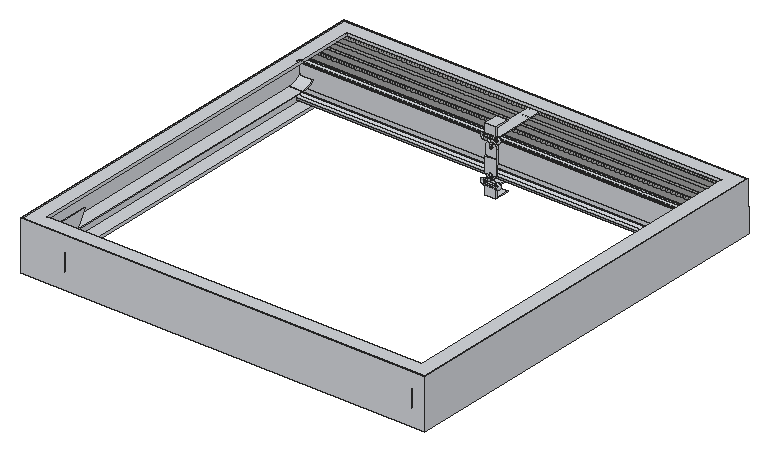
Revit family "C-FS-2F, C-FSX-2F", category Mechanical Equipment, Revit 2015
Parameters
  URL = "https://unitedenertech.com/catalog/pdf/D-7%20%20C-FS-2F%20(X-2F).pdf"
  Type Comments = "Max. Size is (24\"w x 24\"h)"
  Model = "C/FS-2F, C/FSX-2F"
  Manufacturer = "United Enertech Corporation"
  Exact Width = 1' - 6"
  Exact Height = 1' - 6"
  Description = "Square and Rectangular Slimline Ceiling Damper"
  Blade Width [instance] = Exact Width - 0' 0 3/16"  # 1' - 5 13/16"
Reference planes (in)
  plane 1 "Center (Front/Back)": y = 0
  plane 2: z = 0
  plane 3 "Center (Left/Right)": x = 0
  plane 4: x = -9
  plane 5: x = 9
  plane 6: y = -9
  plane 7: y = 9
  plane 8: y = 6.56503
  plane 9: y = 8.9641
  plane 10: x = -8.90617
  plane 11: x = 8.90617
  plane 12: z = 2.1875
Forms (in)
  Extrusion 1, solid, material "Roofing, EPDM Membrane"
    sketch origin (0, 0, -0.73387) x (0, 1, 0) y (0, 0, 1)
      loop
        line (8.87221, 1.71498) -> (8.8312, 1.05609)
        arc (8.8312, 1.05609) -> (8.70159, 0.93383) -> (8.57105, 1.05509) r 0.13036
        line (8.57105, 1.05509) -> (8.4576, 2.67746)
        arc (8.4576, 2.67746) -> (8.39328, 2.73744) -> (8.32895, 2.67746) r 0.06448
        line (8.32895, 2.67746) -> (8.21235, 1.01004)
        arc (8.21235, 1.01004) -> (8.14803, 0.95006) -> (8.0837, 1.01004) r 0.06448
        line (8.0837, 1.01004) -> (7.9671, 2.67746)
        arc (7.9671, 2.67746) -> (7.90278, 2.73744) -> (7.83845, 2.67746) r 0.06448
        line (7.83845, 2.67746) -> (7.72185, 1.01004)
        arc (7.72185, 1.01004) -> (7.65752, 0.95006) -> (7.5932, 1.01004) r 0.06448
        line (7.5932, 1.01004) -> (7.4766, 2.67746)
        arc (7.4766, 2.67746) -> (7.41227, 2.73744) -> (7.34795, 2.67746) r 0.06448
        line (7.34795, 2.67746) -> (7.23135, 1.01004)
        arc (7.23135, 1.01004) -> (7.16702, 0.95006) -> (7.1027, 1.01004) r 0.06448
        line (7.1027, 1.01004) -> (6.9861, 2.67746)
        arc (6.9861, 2.67746) -> (6.92177, 2.73744) -> (6.85745, 2.67746) r 0.06448
        line (6.85745, 2.67746) -> (6.74085, 1.01004)
        arc (6.74085, 1.01004) -> (6.67652, 0.95006) -> (6.6122, 1.01004) r 0.06448
        line (6.6122, 1.01004) -> (6.4956, 2.67746) -> (6.45644, 2.67746) -> (6.57323, 1.00732)
        arc (6.57323, 1.00732) -> (6.67652, 0.91099) -> (6.77982, 1.00732) r 0.10355
        line (6.77982, 1.00732) -> (6.89641, 2.67473)
        arc (6.89641, 2.67473) -> (6.92177, 2.69838) -> (6.94713, 2.67473) r 0.02542
        line (6.94713, 2.67473) -> (7.06373, 1.00732)
        arc (7.06373, 1.00732) -> (7.16702, 0.91099) -> (7.27032, 1.00732) r 0.10355
        line (7.27032, 1.00732) -> (7.38692, 2.67473)
        arc (7.38692, 2.67473) -> (7.41227, 2.69838) -> (7.43763, 2.67473) r 0.02542
        line (7.43763, 2.67473) -> (7.55423, 1.00732)
        arc (7.55423, 1.00732) -> (7.65752, 0.91099) -> (7.76082, 1.00732) r 0.10355
        line (7.76082, 1.00732) -> (7.87742, 2.67473)
        arc (7.87742, 2.67473) -> (7.90278, 2.69838) -> (7.92813, 2.67473) r 0.02542
        line (7.92813, 2.67473) -> (8.04473, 1.00732)
        arc (8.04473, 1.00732) -> (8.14803, 0.91099) -> (8.25132, 1.00732) r 0.10355
        line (8.25132, 1.00732) -> (8.36792, 2.67473)
        arc (8.36792, 2.67473) -> (8.39328, 2.69838) -> (8.41864, 2.67473) r 0.02542
        line (8.41864, 2.67473) -> (8.53208, 1.05237)
        arc (8.53208, 1.05237) -> (8.70174, 0.89477) -> (8.87018, 1.05366) r 0.16942
        line (8.87018, 1.05366) -> (8.91135, 1.71498) -> (8.87221, 1.71498)
    from -8.90617 to 8.90617
Dimensions and locks (in)
  equal spacing: plane 4, plane 3 "Center (Left/Right)", plane 5
  "Exact Width": plane 4 to plane 5
  equal spacing: plane 7, plane 1 "Center (Front/Back)", plane 6
  "Exact Height": plane 7 to plane 6
  locked: plane 7 to plane 8 at 2.43497
  locked: plane 7 to plane 9 at 0.0359
  locked: plane 4 to plane 10 at 0.09383
  locked: plane 11 to plane 5 at 0.09383
  aligned and locked: level to plane 2
  aligned and locked: nested 1 to plane 9
  aligned and locked: nested 2 to plane 8
  aligned and locked: plane 3 "Center (Left/Right)" to nested 1
  aligned and locked: nested 2 to plane 3 "Center (Left/Right)"
  aligned and locked: Extrusion 1 to plane 10
  aligned and locked: Extrusion 1 to plane 11
  aligned and locked: nested 3 to level
  aligned and locked: plane 3 "Center (Left/Right)" to nested 3
  aligned and locked: nested 3 to plane 1 "Center (Front/Back)"
Automatic sketch dimensions
  Extrusion 1 sketch curve to Extrusion 1 sketch curve = 0' - 0"  (x26)
  plane 8 to Extrusion 1 sketch curve = 0' - 0.0082"
  Extrusion 1 sketch curve to Extrusion 1 sketch curve = 0' - 0.03897"  (x17)
  Extrusion 1 sketch curve to Extrusion 1 sketch curve = 0' - 0.06433"  (x8)
  plane 8 to Extrusion 1 sketch curve = 0' - 0.29242"
  Extrusion 1 sketch curve to Extrusion 1 sketch curve = 0' - 0.02536"  (x8)
  Extrusion 1 sketch curve to Extrusion 1 sketch curve = 0' - 0.28391"  (x3)
  Extrusion 1 sketch curve to Extrusion 1 sketch curve = 0' - 0.36185"  (x3)
  level to Extrusion 1 sketch curve = 0' - 0.27618"
  level to Extrusion 1 sketch curve = 0' - 0 35/128"
  Extrusion 1 sketch curve to Extrusion 1 sketch curve = 0' - 0.28076"
  Extrusion 1 sketch curve to Extrusion 1 sketch curve = 0' - 0.13004"
  Extrusion 1 sketch curve to Extrusion 1 sketch curve = 0' - 0.13011"
  Extrusion 1 sketch curve to Extrusion 1 sketch curve = 0' - 0.03899"
  plane 9 to Extrusion 1 sketch curve = 0' - 0.09189"
  Extrusion 1 sketch curve to Extrusion 1 sketch curve = 0' - 0.03914"
  Extrusion 1 sketch curve to Extrusion 1 sketch curve = 0' - 0.00272"  (x8)
  Extrusion 1 sketch curve to Extrusion 1 sketch curve = 0' - 0.0045"  (x4)
  Extrusion 1 sketch curve to Extrusion 1 sketch curve = 0' - 0.04505"
  Extrusion 1 sketch curve to Extrusion 1 sketch curve = 0' - 0.00129"
  Extrusion 1 sketch curve to Extrusion 1 sketch curve = 0' - 0.66132"
  Extrusion 1 sketch curve to Extrusion 1 sketch curve = 0' - 0.00177"  (x7)
  Extrusion 1 sketch curve to plane 8 = 0' - 0.06943"
  Extrusion 1 sketch curve to Extrusion 1 sketch curve = 0' - 0.03916"
  Extrusion 1 sketch curve to Extrusion 1 sketch curve = 0' - 1.66564"
Nested families (in)
  nested 1: "Steel Blade" at (0, 8.12138, -0.05804) x (1, 0, 0) z (0, 1, 0), type "Steel Blade"
    with Blade Width 1' - 5 13/16"
  nested 2: "Steel Blade" at (0, 5.72231, 2.27781) x (1, 0, 0) z (0, 1, 0), type "Steel Blade"
    with Blade Width 1' - 5 13/16"
  nested 3: "ASL Frame" at (0, -9, 1.09375) x (1, 0, 0) z (0, 1, 0), type "ASL Frame"
    with EFL Height 0' - 2 43/64", Blade Width 1' - 5 7/8", Blade Pair Number 5, Exact Width 1' - 6"
Definition of nested family "Steel Blade"
  Parameters (values of type "Steel Blade")
    Blade Width = 1' - 11 7/8"
  Reference planes (in)
    plane 1 "Center (Front/Back)": y = 0
    plane 2: z = 0
    plane 3 "Center (Left/Right)": x = 0
    plane 4: x = -11.9375
    plane 5: x = 11.9375
  Forms (in)
    Extrusion 1, solid
      sketch origin (0, 0, 0) x (0, 1, 0) y (0, 0, 1)
        loop
          line (-0.31672, 0.53073) -> (-0.3446, 0.62657)
          arc (-0.3446, 0.62657) -> (-0.33726, 0.6415) -> (-0.32269, 0.63348) r 0.0115
          line (-0.32269, 0.63348) -> (-0.30545, 0.53536)
          arc (-0.30545, 0.53536) -> (-0.31611, 0.49773) -> (-0.35217, 0.48264) r 0.045
          line (-0.35217, 0.48264) -> (-0.39872, 0.48554)
          arc (-0.39872, 0.48554) -> (-0.42675, 0.49692) -> (-0.44125, 0.52348) r 0.045
          line (-0.44125, 0.52348) -> (-0.47071, 0.66865)
          arc (-0.47071, 0.66865) -> (-0.48965, 0.70349) -> (-0.5262, 0.7189) r 0.06
          line (-0.5262, 0.7189) -> (-1.55698, 0.78305) -> (-1.76244, 0.79584)
          arc (-1.76244, 0.79584) -> (-1.79846, 0.78683) -> (-1.82228, 0.75836) r 0.06
          line (-1.82228, 0.75836) -> (-1.88016, 0.61423)
          arc (-1.88016, 0.61423) -> (-1.90974, 0.57877) -> (-1.95445, 0.56733) r 0.075
          arc (-1.95445, 0.56733) -> (-2.03902, 0.60869) -> (-2.06957, 0.69773) r 0.123
          line (-2.06957, 0.69773) -> (-2.06418, 0.78456)
          arc (-2.06418, 0.78456) -> (-2.05371, 0.80551) -> (-2.03138, 0.81256) r 0.03
          line (-2.03138, 0.81256) -> (-1.90763, 0.80489) -> (-1.90763, 0.8362) -> (-2.01284, 0.84272) -> (-2.04641, 0.84272)
          arc (-2.04641, 0.84272) -> (-2.08042, 0.82292) -> (-2.09536, 0.7865) r 0.06125
          line (-2.09536, 0.7865) -> (-2.10077, 0.69966)
          arc (-2.10077, 0.69966) -> (-2.06244, 0.58801) -> (-1.95639, 0.53614) r 0.15425
          arc (-1.95639, 0.53614) -> (-1.89306, 0.55235) -> (-1.8512, 0.60257) r 0.10625
          line (-1.8512, 0.60257) -> (-1.7933, 0.74674)
          arc (-1.7933, 0.74674) -> (-1.78183, 0.76038) -> (-1.76452, 0.76466) r 0.02875
          line (-1.76452, 0.76466) -> (-1.55892, 0.75186) -> (-0.52813, 0.68773)
          arc (-0.52813, 0.68773) -> (-0.51045, 0.68016) -> (-0.50148, 0.66314) r 0.02875
          line (-0.50148, 0.66314) -> (-0.47199, 0.51784)
          arc (-0.47199, 0.51784) -> (-0.4474, 0.47346) -> (-0.4004, 0.45434) r 0.07625
          line (-0.4004, 0.45434) -> (-0.35398, 0.45144)
          arc (-0.35398, 0.45144) -> (-0.29278, 0.47694) -> (-0.27468, 0.54073) r 0.07625
          line (-0.27468, 0.54073) -> (-0.29191, 0.63889)
          arc (-0.29191, 0.63889) -> (-0.33988, 0.67434) -> (-0.37768, 0.6282) r 0.04327
          line (-0.37768, 0.6282) -> (-0.34677, 0.52199) -> (-0.31672, 0.53073)
      from -11.9375 to 11.9375
  Dimensions and locks (in)
    equal spacing: plane 4, plane 3 "Center (Left/Right)", plane 5
    "Blade Width": plane 4 to plane 5
    aligned and locked: level to plane 2
    aligned and locked: plane 4 to Extrusion 1
    aligned and locked: plane 5 to Extrusion 1
  Automatic sketch dimensions
    Extrusion 1 sketch curve to Extrusion 1 sketch curve = 0' - 0"  (x30)
    level to Extrusion 1 sketch curve = 0' - 0.7827"
    plane 1 "Center (Front/Back)" to Extrusion 1 sketch curve = 0' - 2.03423"
    Extrusion 1 sketch curve to Extrusion 1 sketch curve = 0' - 0.00284"
    Extrusion 1 sketch curve to Extrusion 1 sketch curve = 0' - 0.01854"
    Extrusion 1 sketch curve to Extrusion 1 sketch curve = 0' - 0.08443"
    Extrusion 1 sketch curve to Extrusion 1 sketch curve = 0' - 0.00298"
    Extrusion 1 sketch curve to Extrusion 1 sketch curve = 0' - 0.03918"
    Extrusion 1 sketch curve to Extrusion 1 sketch curve = 0' - 0.14102"
    level to Extrusion 1 sketch curve = 0' - 0.76466"
    Extrusion 1 sketch curve to Extrusion 1 sketch curve = 0' - 0.00209"
    level to Extrusion 1 sketch curve = 0' - 0.79584"
    Extrusion 1 sketch curve to Extrusion 1 sketch curve = 0' - 0.00208"  (x2)
    level to Extrusion 1 sketch curve = 0' - 0.75186"
    Extrusion 1 sketch curve to Extrusion 1 sketch curve = 0' - 0.2056"
    Extrusion 1 sketch curve to Extrusion 1 sketch curve = 0' - 0.00194"  (x2)
    plane 1 "Center (Front/Back)" to Extrusion 1 sketch curve = 0' - 0.52993"
    Extrusion 1 sketch curve to Extrusion 1 sketch curve = 0' - 0.02845"
    Extrusion 1 sketch curve to Extrusion 1 sketch curve = 0' - 0.02949"
    Extrusion 1 sketch curve to Extrusion 1 sketch curve = 0' - 0.03077"  (x2)
    Extrusion 1 sketch curve to Extrusion 1 sketch curve = 0' - 0.03074"
    Extrusion 1 sketch curve to Extrusion 1 sketch curve = 0' - 0.04085"
    Extrusion 1 sketch curve to Extrusion 1 sketch curve = 0' - 0.00168"
    Extrusion 1 sketch curve to Extrusion 1 sketch curve = 0' - 0.04445"
    Extrusion 1 sketch curve to Extrusion 1 sketch curve = 0' - 0.01912"
    Extrusion 1 sketch curve to Extrusion 1 sketch curve = 0' - 0.04641"
    Extrusion 1 sketch curve to Extrusion 1 sketch curve = 0' - 0.00182"
    Extrusion 1 sketch curve to Extrusion 1 sketch curve = 0' - 0.00238"
    Extrusion 1 sketch curve to Extrusion 1 sketch curve = 0' - 0.00302"
    Extrusion 1 sketch curve to Extrusion 1 sketch curve = 0' - 0.03307"
    Extrusion 1 sketch curve to Extrusion 1 sketch curve = 0' - 0.01008"
    Extrusion 1 sketch curve to Extrusion 1 sketch curve = 0' - 0.00072"
    Extrusion 1 sketch curve to Extrusion 1 sketch curve = 0' - 0.01112"
    Extrusion 1 sketch curve to Extrusion 1 sketch curve = 0' - 0.03006"
    Extrusion 1 sketch curve to Extrusion 1 sketch curve = 0' - 0.03078"
    Extrusion 1 sketch curve to Extrusion 1 sketch curve = 0' - 0.02867"
    Extrusion 1 sketch curve to Extrusion 1 sketch curve = 0' - 0.09261"
    level to Extrusion 1 sketch curve = 0' - 0.66865"
    Extrusion 1 sketch curve to Extrusion 1 sketch curve = 0' - 0.00551"
    Extrusion 1 sketch curve to Extrusion 1 sketch curve = 0' - 0.00412"
    Extrusion 1 sketch curve to Extrusion 1 sketch curve = 0' - 0.04791"
    Extrusion 1 sketch curve to Extrusion 1 sketch curve = 0' - 0.02976"
    Extrusion 1 sketch curve to Extrusion 1 sketch curve = 0' - 0.00541"
    Extrusion 1 sketch curve to Extrusion 1 sketch curve = 0' - 0.00087"
    Extrusion 1 sketch curve to Extrusion 1 sketch curve = 0' - 0.00852"
    Extrusion 1 sketch curve to Extrusion 1 sketch curve = 0' - 0.00559"
    Extrusion 1 sketch curve to Extrusion 1 sketch curve = 0' - 0.00702"
    Extrusion 1 sketch curve to Extrusion 1 sketch curve = 0' - 0.00564"
    Extrusion 1 sketch curve to Extrusion 1 sketch curve = 0' - 0.03935"
    Extrusion 1 sketch curve to Extrusion 1 sketch curve = 0' - 0.0312"
    Extrusion 1 sketch curve to Extrusion 1 sketch curve = 0' - 0.03119"
    Extrusion 1 sketch curve to Extrusion 1 sketch curve = 0' - 0.1148"
    Extrusion 1 sketch curve to Extrusion 1 sketch curve = 0' - 0.03131"
    Extrusion 1 sketch curve to Extrusion 1 sketch curve = 0' - 0.02994"
    level to Extrusion 1 sketch curve = 0' - 0.78456"
    Extrusion 1 sketch curve to Extrusion 1 sketch curve = 0' - 0.00539"
    level to Extrusion 1 sketch curve = 0' - 0.69772"
    Extrusion 1 sketch curve to Extrusion 1 sketch curve = 0' - 0.03117"
    Extrusion 1 sketch curve to Extrusion 1 sketch curve = 0' - 0.03118"
    level to Extrusion 1 sketch curve = 0' - 0.69966"
    Extrusion 1 sketch curve to Extrusion 1 sketch curve = 0' - 0.03357"
    Extrusion 1 sketch curve to Extrusion 1 sketch curve = 0' - 0.0066"
    Extrusion 1 sketch curve to Extrusion 1 sketch curve = 0' - 0.06959"
    level to Extrusion 1 sketch curve = 0' - 0.61423"
    Extrusion 1 sketch curve to Extrusion 1 sketch curve = 0' - 0.00004"  (x2)
    Extrusion 1 sketch curve to Extrusion 1 sketch curve = 0' - 0.02896"
    level to Extrusion 1 sketch curve = 0' - 0.60259"
    level to Extrusion 1 sketch curve = 0' - 0.75838"
    Extrusion 1 sketch curve to Extrusion 1 sketch curve = 0' - 0.05778"
    level to Extrusion 1 sketch curve = 0' - 0.74674"
    Extrusion 1 sketch curve to Extrusion 1 sketch curve = 0' - 0.02669"
    Extrusion 1 sketch curve to Extrusion 1 sketch curve = 0' - 0.00179"
    Extrusion 1 sketch curve to Extrusion 1 sketch curve = 0' - 0.00193"
    Extrusion 1 sketch curve to Extrusion 1 sketch curve = 0' - 0.01125"
    Extrusion 1 sketch curve to Extrusion 1 sketch curve = 0' - 0.00003"
    Extrusion 1 sketch curve to Extrusion 1 sketch curve = 0' - 0.05622"
    Extrusion 1 sketch curve to Extrusion 1 sketch curve = 0' - 0.03016"
Definition of nested family "ASL Frame"
  Parameters (values of type "ASL Frame")
    URL = "http://unitedenertech.com/catalog/pdf/A-10%20%20FDD-ALB.pdf"
    Type Comments = "Max. Sizes are (Vertical 72\"w x 36\"h or 36\"w x 72\"h) (Horizontal 36\"w x 36\"h)"
    Model = "FDD-ALB"
    Manufacturer = "United Enertech Corporation"
    Keynote = ""
    Exact Width = 2' - 0"
    EFL Height [instance] = Blade Pair Number * 0' 0 13/32" + 0' 0 41/64"  # 0' - 2 43/64"
    Description = "Curtain Fire Damper for use in Static or Dynamic Systems"
    Damper Height = 1' - 6"
    Depth = 0' - 2 3/16"
    Blade Width [instance] = Exact Width - 0' 0 1/8"  # 1' - 11 7/8"
    Blade Pair Number [instance] = (Damper Height - 0' 0 9/128") / 0' 3 7/8"  # 5
  Reference planes (in)
    plane 1 "Center (Front/Back)": y = 0
    plane 2: z = 0
    plane 3 "Center (Left/Right)": x = 0
    plane 4: x = -12
    plane 5: x = 12
    plane 6: z = 18
    plane 7: x = -11.9641
    plane 8: x = 11.9641
    plane 9: z = 0.0359
    plane 10: z = 17.9641
    plane 11: y = 1.09375
    plane 12: y = -1.09375
    plane 13: y = -0.96875
    plane 14: y = 0.96875
    plane 15: z = 0.6609
    plane 16: x = -11.3391
    plane 17: x = 11.3391
    plane 18: z = 17.3391
    plane 19: x = -0.25
    plane 20: x = 0.25
    plane 21: z = 14.88598
    plane 22: z = 14.92188
    plane 23: z = 0.2234
    plane 24: z = 17.7766
    plane 25: x = 11.7766
    plane 26: x = -11.7766
    plane 27: z = 9
  Forms (in)
    Extrusion 1, solid
      sketch origin (0, 0, 0) x (1, 0, 0) y (0, 0, 1)
        loop
          line (-11.9641, 17.9641) -> (-11.9641, 0.0359) -> (11.9641, 0.0359) -> (11.9641, 17.9641) -> (-11.9641, 17.9641)
        loop
          line (-12, 18) -> (-12, 0) -> (12, 0) -> (12, 18) -> (-12, 18)
      from -1.09375 to 1.09375
    Extrusion 2, solid
      sketch origin (0, 0, 0) x (1, 0, 0) y (0, 0, 1)
        loop
          line (-11.3391, 17.3391) -> (-11.3391, 0.6609) -> (11.3391, 0.6609) -> (11.3391, 17.3391) -> (-11.3391, 17.3391)
        loop
          line (-11.9641, 17.9641) -> (-11.9641, 0.0359) -> (11.9641, 0.0359) -> (11.9641, 17.9641) -> (-11.9641, 17.9641)
      from 0.96875 to 1.09375
    Extrusion 3, solid
      sketch origin (0, 0, 0) x (1, 0, 0) y (0, 0, 1)
        loop
          line (-11.3391, 17.3391) -> (-11.3391, 0.6609) -> (11.3391, 0.6609) -> (11.3391, 17.3391) -> (-11.3391, 17.3391)
        loop
          line (-11.9641, 17.9641) -> (-11.9641, 0.0359) -> (11.9641, 0.0359) -> (11.9641, 17.9641) -> (-11.9641, 17.9641)
      from -1.09375 to -0.96875
    Extrusion 4, solid
      sketch origin (0, 0, 0) x (0, 1, 0) y (0, 0, 1)
        loop
          line (0.96875, 17.9641) -> (0.93285, 17.9641) -> (0.93285, 14.88598) -> (1.43285, 14.88598) -> (1.43285, 15.55473) -> (1.39695, 15.55473) -> (1.39695, 14.92188) -> (0.96875, 14.92188) -> (0.96875, 17.9641)
      from -0.25 to 0.25
    Extrusion 5, solid
      sketch origin (0, 0, 0) x (0, -1, 0) y (0, 0, -1)
        loop
          line (0.96875, -17.9641) -> (0.96875, -14.92188) -> (1.39695, -14.92188) -> (1.39695, -15.55473) -> (1.43285, -15.55473) -> (1.43285, -14.88598) -> (0.93285, -14.88598) -> (0.93285, -17.9641) -> (0.96875, -17.9641)
      from -0.25 to 0.25
    Extrusion 6, solid
      sketch origin (0, 0, 0) x (0, 1, 0) y (0, 0, 1)
        loop
          line (0.18683, 0.46965) -> (0.18683, 14.88598) -> (0.15093, 14.88598) -> (0.15093, 0.46965) -> (0.18683, 0.46965)
      from 11.3391 to 11.9641
    Extrusion 7, solid
      sketch origin (0, 0, 0) x (0, 1, 0) y (0, 0, 1)
        loop
          line (0.18683, 0.46965) -> (0.18683, 14.88598) -> (0.15093, 14.88598) -> (0.15093, 0.46965) -> (0.18683, 0.46965)
      from -11.3391 to -11.9641
    Extrusion 8, solid
      sketch origin (0, 0, 0) x (0, 1, 0) y (0, 0, 1)
        loop
          arc (0.18683, 14.88598) -> (0.08831, 15.27851) -> (-0.15941, 15.59854) r 0.98736
          line (-0.15941, 15.59854) -> (-0.18442, 15.57353)
          arc (-0.18442, 15.57353) -> (0.05139, 15.26299) -> (0.15093, 14.88598) r 1.00288
          line (0.15093, 14.88598) -> (0.18683, 14.88598)
      from 11.3391 to 11.9641
    Extrusion 9, solid
      sketch origin (0, 0, 0) x (0, 1, 0) y (0, 0, 1)
        loop
          arc (0.18683, 14.88598) -> (0.08831, 15.27851) -> (-0.15941, 15.59854) r 0.98736
          line (-0.15941, 15.59854) -> (-0.18442, 15.57353)
          arc (-0.18442, 15.57353) -> (0.05139, 15.26299) -> (0.15093, 14.88598) r 1.00288
          line (0.15093, 14.88598) -> (0.18683, 14.88598)
      from -11.9641 to -11.3391
  Dimensions and locks (in)
    equal spacing: plane 4, plane 3 "Center (Left/Right)", plane 5
    "Exact Width": plane 4 to plane 5
    "Damper Height": plane 6 to level
    locked: plane 7 to plane 4 at 0.0359
    locked: plane 5 to plane 8 at 0.0359
    locked: plane 6 to plane 10 at 0.0359
    locked: plane 9 to level at 0.0359
    "Depth": plane 11 to plane 12
    locked: plane 13 to plane 12 at 0.125
    locked: plane 11 to plane 14 at 0.125
    locked: plane 16 to plane 7 at 0.625
    locked: plane 8 to plane 17 at 0.625
    locked: plane 15 to plane 9 at 0.625
    locked: plane 10 to plane 18 at 0.625
    locked: plane 22 to plane 21 at 0.0359
    locked: plane 23 to level at 0.2234
    locked: plane 6 to plane 24 at 0.2234
    locked: plane 4 to plane 26 at 0.2234
    locked: plane 5 to plane 25 at 0.2234
    locked: plane 6 to plane 21 at 3.11402
    equal spacing: plane 6, plane 27, level
    equal spacing: plane 11, plane 1 "Center (Front/Back)", plane 12
    aligned and locked: level to plane 2
    aligned and locked: level to Extrusion 1 sketch curve
    aligned and locked: Extrusion 1 sketch curve to plane 4
    aligned and locked: Extrusion 1 sketch curve to plane 5
    aligned and locked: Extrusion 1 sketch curve to plane 6
    aligned and locked: Extrusion 1 sketch curve to plane 10
    aligned and locked: plane 8 to Extrusion 1 sketch curve
    aligned and locked: plane 9 to Extrusion 1 sketch curve
    aligned and locked: plane 7 to Extrusion 1 sketch curve
    aligned and locked: plane 9 to Extrusion 2 sketch curve
    aligned and locked: plane 7 to Extrusion 2 sketch curve
    aligned and locked: plane 8 to Extrusion 2 sketch curve
    aligned and locked: Extrusion 2 sketch curve to plane 10
    aligned and locked: Extrusion 2 sketch curve to plane 18
    aligned and locked: Extrusion 2 sketch curve to plane 17
    aligned and locked: plane 15 to Extrusion 2 sketch curve
    aligned and locked: Extrusion 2 sketch curve to plane 16
    aligned and locked: plane 11 to Extrusion 3
    aligned and locked: Extrusion 3 to plane 14
    aligned and locked: plane 13 to Extrusion 2
    aligned and locked: Extrusion 2 to plane 12
    aligned and locked: plane 19 to Extrusion 5
    aligned and locked: plane 19 to Extrusion 4
    aligned and locked: plane 20 to Extrusion 5
    aligned and locked: plane 20 to Extrusion 4
    aligned and locked: Extrusion 5 sketch curve to plane 21
    aligned and locked: plane 21 to Extrusion 4 sketch curve
    aligned and locked: plane 22 to Extrusion 4 sketch curve
    aligned and locked: Extrusion 5 sketch curve to plane 22
    aligned and locked: nested 1 to plane 22
    aligned and locked: nested 2 to plane 7
    aligned and locked: plane 8 to nested 3
    aligned and locked: Extrusion 6 sketch curve to plane 21
    aligned and locked: Extrusion 7 to plane 7
    aligned and locked: Extrusion 7 to plane 16
    aligned and locked: Extrusion 6 to plane 17
    aligned and locked: Extrusion 6 to plane 8
    aligned and locked: Extrusion 8 sketch curve to plane 21
    aligned and locked: Extrusion 9 to plane 7
    aligned and locked: Extrusion 9 to plane 16
    aligned and locked: plane 8 to Extrusion 8
    aligned and locked: Extrusion 8 to plane 17
    aligned and locked: Extrusion 1 to plane 12
    aligned and locked: plane 11 to Extrusion 1
  Automatic sketch dimensions
    Extrusion 3 sketch curve to plane 7 = 0' - 0"
    Extrusion 3 sketch curve to plane 15 = 0' - 0"
    plane 16 to Extrusion 3 sketch curve = 0' - 0"
    Extrusion 3 sketch curve to plane 17 = 0' - 0"
    plane 8 to Extrusion 3 sketch curve = 0' - 0"
    Extrusion 3 sketch curve to plane 9 = 0' - 0"
    Extrusion 3 sketch curve to plane 18 = 0' - 0"
    Extrusion 3 sketch curve to plane 10 = 0' - 0"
    Extrusion 4 sketch curve to plane 10 = 0' - 0"
    Extrusion 4 sketch curve to plane 14 = 0' - 0"
    Extrusion 4 sketch curve to plane 14 = 0' - 0.0359"
    plane 11 to Extrusion 4 sketch curve = 0' - 0.3032"
    Extrusion 4 sketch curve to Extrusion 4 sketch curve = 0' - 0.0359"
    plane 22 to Extrusion 4 sketch curve = 0' - 0.63285"
    Extrusion 5 sketch curve to plane 10 = 0' - 0"
    Extrusion 5 sketch curve to plane 13 = 0' - 0"
    Extrusion 5 sketch curve to plane 13 = 0' - 0.0359"
    plane 12 to Extrusion 5 sketch curve = 0' - 0.3032"
    Extrusion 5 sketch curve to Extrusion 5 sketch curve = 0' - 0.0359"
    Extrusion 5 sketch curve to plane 22 = 0' - 0.63285"
    Extrusion 6 sketch curve to plane 1 "Center (Front/Back)" = 0' - 0.15093"
    Extrusion 6 sketch curve to Extrusion 6 sketch curve = 0' - 0.0359"
    Extrusion 6 sketch curve to plane 15 = 0' - 0.19125"
    Extrusion 7 sketch curve to plane 21 = 0' - 0"
    Extrusion 7 sketch curve to plane 1 "Center (Front/Back)" = 0' - 0.15093"
    Extrusion 7 sketch curve to Extrusion 7 sketch curve = 0' - 0.0359"
    Extrusion 7 sketch curve to plane 15 = 0' - 0.19125"
    plane 13 to Extrusion 8 sketch curve = 0' - 0.11876"
    Extrusion 8 sketch curve to Extrusion 8 sketch curve = 0' - 0.05023"
    plane 1 "Center (Front/Back)" to Extrusion 8 sketch curve = 0' - 0.18442"
    Extrusion 8 sketch curve to Extrusion 8 sketch curve = 0' - 0.02501"
    Extrusion 8 sketch curve to plane 1 "Center (Front/Back)" = 0' - 0.15093"
    Extrusion 8 sketch curve to Extrusion 8 sketch curve = 0' - 0.0359"
    Extrusion 8 sketch curve to plane 21 = 0' - 0.03898"
    Extrusion 8 sketch curve to Extrusion 8 sketch curve = 0' - 0.02364"
    Extrusion 9 sketch curve to plane 21 = 0' - 0"
    plane 13 to Extrusion 9 sketch curve = 0' - 0.11876"
    Extrusion 9 sketch curve to Extrusion 9 sketch curve = 0' - 0.05023"
    plane 1 "Center (Front/Back)" to Extrusion 9 sketch curve = 0' - 0.18442"
    Extrusion 9 sketch curve to Extrusion 9 sketch curve = 0' - 0.02501"
    Extrusion 9 sketch curve to plane 1 "Center (Front/Back)" = 0' - 0.15093"
    Extrusion 9 sketch curve to Extrusion 9 sketch curve = 0' - 0.0359"
    Extrusion 9 sketch curve to plane 21 = 0' - 0.03898"
    Extrusion 9 sketch curve to Extrusion 9 sketch curve = 0' - 0.02364"
  Nested families (in)
    nested 1: "EFL" at (4.62017, 3.54736, 14.92188), type "EFL"
    nested 2: "Fire Damper Spring" at (-11.41019, -4.48368, -2.82915) x (0, 1, 0) z (0, 0, 1), type "Fire Damper Spring"
    nested 3: "Fire Damper Spring" at (11.41019, -4.48368, -2.82915) x (0, 1, 0) z (0, 0, 1), type "Fire Damper Spring"
  Definition of nested family "EFL"
    Reference planes (in)
      plane 1 "Center (Front/Back)": y = 0
      plane 2: z = 0
      plane 3 "Center (Left/Right)": x = 0
    Forms (in)
      Extrusion 1, solid
        sketch origin (0, 0, 0) x (1, 0, 0) y (0, 1, 0)
          loop
            arc (-4.87017, -4.05324) -> (-4.81525, -4.18582) -> (-4.68267, -4.24074) r 0.1875
            line (-4.68267, -4.24074) -> (-4.55767, -4.24074)
            arc (-4.55767, -4.24074) -> (-4.42508, -4.18582) -> (-4.37017, -4.05324) r 0.1875
            line (-4.37017, -4.05324) -> (-4.37017, -3.41574) -> (-4.87017, -3.41574) -> (-4.87017, -4.05324)
          loop
            circle (-4.62017, -4.05324) r 0.0625
        from 0.1 to 0.05
      Extrusion 2, solid
        sketch origin (-9.24033, -7.08147, 0) x (-1, 0, 0) y (0, -1, 0)
          loop
            arc (-4.87017, -4.05324) -> (-4.81525, -4.18582) -> (-4.68267, -4.24074) r 0.1875
            line (-4.68267, -4.24074) -> (-4.55767, -4.24074)
            arc (-4.55767, -4.24074) -> (-4.42508, -4.18582) -> (-4.37017, -4.05324) r 0.1875
            line (-4.37017, -4.05324) -> (-4.37017, -3.41574) -> (-4.87017, -3.41574) -> (-4.87017, -4.05324)
          loop
            circle (-4.62017, -4.05324) r 0.0625
        from 0 to 0.05
      Sweep 3, solid
        path in 3D
          loop
            line (-4.62017, -4.16421, 0) -> (-4.62017, -4.22608, 0)
            arc (-4.62017, -4.22608, 0) -> (-4.65678, -4.31447, 0) -> (-4.74517, -4.35108, 0) r 0.125
            line (-4.74517, -4.35108, 0) -> (-4.92568, -4.35108, 0)
            arc (-4.92568, -4.35108, 0) -> (-5.02859, -4.454, 0) -> (-4.92568, -4.55691, 0) r 0.10291
            line (-4.92568, -4.55691, 0) -> (-4.62017, -4.55691, 0) -> (-4.31465, -4.55691, 0)
            arc (-4.31465, -4.55691, 0) -> (-4.21174, -4.454, 0) -> (-4.31465, -4.35108, 0) r 0.10291
            line (-4.31465, -4.35108, 0) -> (-4.58427, -4.35108, 0)
        profile origin (-4.62017, -4.19515, 0) x (1, 0, 0) y (0, 0, 1)
          loop
            circle (0, 0) r 0.03202
      Sweep 4, solid
        path in 3D
          loop
            line (-4.62017, -4.283, 0.1526) -> (-4.62017, -4.12297, 0.1526)
            arc (-4.62017, -4.12297, 0.1526) -> (-4.62017, -4.04635, 0.07598) -> (-4.62017, -4.12297, -0.00063) r 0.07662
            line (-4.62017, -4.12297, -0.00063) -> (-4.62017, -4.16421, -0.00063)
        profile origin (-4.62017, -4.14359, -0.00063) x (0, 0, -1) y (1, 0, 0)
          loop
            circle (0, 0) r 0.03138
      Sweep 5, solid
        path in 3D
          loop
            line (-4.62017, -2.91726, 0) -> (-4.62017, -2.85539, 0)
            arc (-4.62017, -2.85539, 0) -> (-4.65678, -2.767, 0) -> (-4.74517, -2.73039, 0) r 0.125
            line (-4.74517, -2.73039, 0) -> (-4.92568, -2.73039, 0)
            arc (-4.92568, -2.73039, 0) -> (-5.02859, -2.62747, 0) -> (-4.92568, -2.52456, 0) r 0.10291
            line (-4.92568, -2.52456, 0) -> (-4.62017, -2.52456, 0) -> (-4.31465, -2.52456, 0)
            arc (-4.31465, -2.52456, 0) -> (-4.21174, -2.62747, 0) -> (-4.31465, -2.73039, 0) r 0.10291
            line (-4.31465, -2.73039, 0) -> (-4.58427, -2.73039, 0)
        profile origin (-4.62017, -2.88633, 0) x (-1, 0, 0) y (0, 0, 1)
          loop
            circle (0, 0) r 0.03202
      Sweep 6, solid
        path in 3D
          loop
            line (-4.62017, -2.79848, 0.1526) -> (-4.62017, -2.95851, 0.1526)
            arc (-4.62017, -2.95851, 0.1526) -> (-4.62017, -3.03512, 0.07598) -> (-4.62017, -2.95851, -0.00063) r 0.07662
            line (-4.62017, -2.95851, -0.00063) -> (-4.62017, -2.91726, -0.00063)
        profile origin (-4.62017, -2.93788, -0.00063) x (0, 0, 1) y (1, 0, 0)
          loop
            circle (0, 0) r 0.03138
    Lines and regions (in)
      sketch lines
        curve 1: line (-4.62017, -4.16421, 0) -> (-4.62017, -4.22608, 0)
        curve 2: arc (-4.74517, -4.35108, 0) -> (-4.65678, -4.31447, 0) -> (-4.62017, -4.22608, 0) r 0.125
        curve 3: line (-4.74517, -4.35108, 0) -> (-4.92568, -4.35108, 0)
        curve 4: arc (-4.92568, -4.35108, 0) -> (-5.02859, -4.454, 0) -> (-4.92568, -4.55691, 0) r 0.10291
        curve 5: line (-4.62017, -4.55691, 0) -> (-4.92568, -4.55691, 0)
        curve 6: line (-4.62017, -4.55691, 0) -> (-4.31465, -4.55691, 0)
        curve 7: arc (-4.31465, -4.55691, 0) -> (-4.21174, -4.454, 0) -> (-4.31465, -4.35108, 0) r 0.10291
        curve 8: line (-4.58427, -4.35108, 0) -> (-4.31465, -4.35108, 0)
        curve 9: line (-4.62017, -4.12297, -0.00063) -> (-4.62017, -4.16421, -0.00063)
        curve 10: arc (-4.62017, -4.12297, -0.00063) -> (-4.62017, -4.04635, 0.07598) -> (-4.62017, -4.12297, 0.1526) r 0.07662
        curve 11: line (-4.62017, -4.12297, 0.1526) -> (-4.62017, -4.283, 0.1526)
        curve 12: line (-4.62017, -2.91726, 0) -> (-4.62017, -2.85539, 0)
        curve 13: arc (-4.74517, -2.73039, 0) -> (-4.65678, -2.767, 0) -> (-4.62017, -2.85539, 0) r 0.125
        curve 14: line (-4.74517, -2.73039, 0) -> (-4.92568, -2.73039, 0)
        curve 15: arc (-4.92568, -2.73039, 0) -> (-5.02859, -2.62747, 0) -> (-4.92568, -2.52456, 0) r 0.10291
        curve 16: line (-4.62017, -2.52456, 0) -> (-4.92568, -2.52456, 0)
        curve 17: line (-4.62017, -2.52456, 0) -> (-4.31465, -2.52456, 0)
        curve 18: arc (-4.31465, -2.52456, 0) -> (-4.21174, -2.62747, 0) -> (-4.31465, -2.73039, 0) r 0.10291
        curve 19: line (-4.58427, -2.73039, 0) -> (-4.31465, -2.73039, 0)
        curve 20: line (-4.62017, -2.95851, -0.00063) -> (-4.62017, -2.91726, -0.00063)
        curve 21: arc (-4.62017, -2.95851, -0.00063) -> (-4.62017, -3.03512, 0.07598) -> (-4.62017, -2.95851, 0.1526) r 0.07662
        curve 22: line (-4.62017, -2.95851, 0.1526) -> (-4.62017, -2.79848, 0.1526)
    Dimensions and locks (in)
      aligned and locked: level to plane 2
  Definition of nested family "Fire Damper Spring"
    Reference planes (in)
      plane 1 "Center (Front/Back)": y = 0
      plane 2: z = 0
      plane 3 "Center (Left/Right)": x = 0
    Forms (in)
      Extrusion 1, solid
        sketch origin (-1.85058, 0, 0) x (1, 0, 0) y (0, 0, 1)
          loop
            line (5.83358, 5.61505) -> (5.83358, 2.86505) -> (6.70858, 2.86505) -> (6.70858, 3.11505) -> (6.83358, 3.11505) -> (6.83358, 3.74645) -> (6.70858, 4.08156) -> (6.70858, 4.28395) -> (6.83358, 4.40895)
            arc (6.83358, 4.40895) -> (6.47375, 5.12822) -> (5.83358, 5.61505) r 1.77618
          loop
            line (6.15858, 3.72986) -> (6.15858, 3.22986) -> (6.50858, 3.22986) -> (6.50858, 3.72986) -> (6.15858, 3.72986)
        from 0 to 0.06
      Extrusion 2, solid
        sketch origin (0, 0, 0) x (1, 0, 0) y (0, 0, 1)
          loop
            line (3.983, 2.86505) -> (4.858, 2.86505) -> (4.858, 2.92505) -> (3.983, 2.92505) -> (3.983, 2.86505)
        from 0.06 to 1.375
      Extrusion 3, solid
        sketch origin (-1.27452, 0, -0.02337) x (1, 0, 0) y (0, 0, 1)
          loop
            circle (5.75753, 3.32218) r 0.1875
          loop
            circle (5.75753, 3.32218) r 0.16
        from 0 to -0.5
      Extrusion 4, solid
        sketch origin (0, 0, 0) x (1, 0, 0) y (0, 0, 1)
          loop
            line (4.38792, 3.22986) -> (4.38792, 3.16986) -> (4.57943, 3.16986) -> (4.57943, 3.22986) -> (4.38792, 3.22986)
        from 0 to -0.55391
    Dimensions and locks (in)
      aligned and locked: level to plane 2
